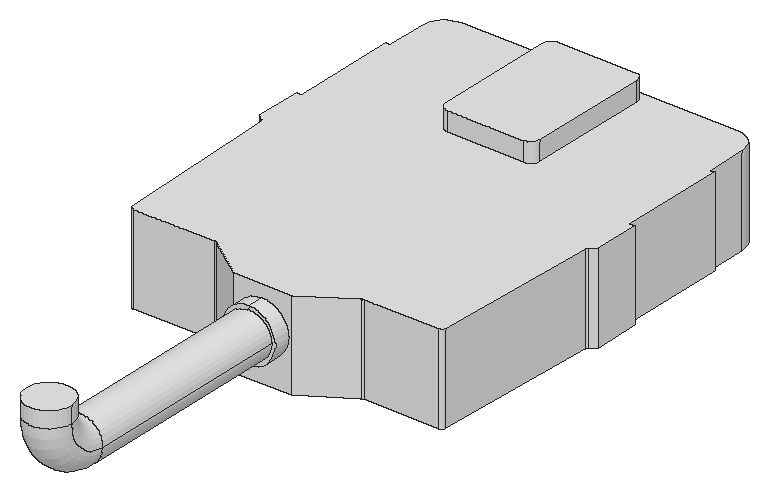
Revit family "Grohe_PlumbingFixtures_WC_Cistern_38661000", category Plumbing Fixtures, host Face, Revit 2017
Family settings
  Host = Face
  Round Connector Dimension = Use Diameter
  Part Type = Normal
  OmniClass Number = 23.45.05.21
  OmniClass Title = Plumbing Fixtures - Sanitary Disposal Units
  Cut with Voids When Loaded = Yes
  Shared = No
  Room Calculation Point = No
Parameters (values of type "38661000")
  _DistributedBy = "www.bimstore.co.uk"
  _CurrentRevision = 1
  _CreatedBy = "www.bimstore.co.uk"
  _BimSpecGuid = 0
  _BSBibleVersion = 16
  _AuthorizedBy = "bimstore"
  _Author = "Jack Yellop"
  Waste Connection = yes
  WarrantyStartDate [instance] = "Please record on commissioning."
  WarrantyGuarantorParts = "info-uk@grohe.com"
  WarrantyGuarantorLabor = "n/a"
  WarrantyDurationUnit = "Years"
  WarrantyDurationParts = "0"
  WarrantyDurationLabor = "0"
  WarrantyDescription = "n/a"
  Vent Connection = no
  URL = "https://www.grohe.co.uk/en_gb/"
  TypeName = Model  # "WC concealed cistern"
  Type Comments = "38661000"
  SpareParts = "n/a"
  Size = "n/a"
  Shape = "Rectangle"
  SerialNumber [instance] = "Please record on commissioning."
  ReplacementCost = "n/a"
  ReferencedStandard = "n/a"
  R = 95 mm
  ProductionYear = "2019"
  NominalLength = 467 mm
  NominalHeight = 519 mm
  NominalDepth = 118 mm
  NBSReference = "45-35-70/383"
  NBSOfficeMasterTag = "n/a"
  NBSObjectName = "WC cisterns"
  NBSNote = ""
  NBSDescription = "Grohe - WC cisterns"
  ModelReference = Model  # "WC concealed cistern"
  ModelNumber = Type Comments  # "38661000"
  Model = "WC concealed cistern"
  Material = "Plastic"
  ManufacturerName = "Grohe"
  Manufacturer = "Grohe"
  Keynote = "N13"
  InstallationDate [instance] = "Please record on commissioning."
  IfcExportType = "IfcSanitaryTerminalTypeEnum.CISTERN"
  IfcExportAs = "IfcFlowTerminalType"
  HW Connection = no
  Grade = "n/a"
  Finish = "Plastic"
  Features = Description  # "WC concealed cistern - 38661000"
  ExpectedLife = 0
  DurationUnit = "Years"
  DocumentationTechnical = "https://www.bimstore.co/product/files/documents/2019/05/16/technical-data-sheet.pdf"
  DocumentationMaintenance = "n/a"
  DocumentationLiterature = "n/a"
  DocumentationInstallationGuide = "n/a"
  DocumentationCertificates = "n/a"
  Description = "WC concealed cistern - 38661000"
  Default Elevation = 0 mm
  CreatedOn = "2019-04-29T09:00:00"
  CreatedBy = "info-uk@grohe.com"
  Constituents = "n/a"
  Color = "White"
  CodePerformance = "n/a"
  ClassificationValue = "Pr_40_20_93_89"
  ClassificationName = "Uniclass2015"
  CisternOffset [instance] = 0 mm
  CW Connection = no
  BarCode [instance] = "Please record on commissioning."
  BIMObjectName = "Grohe_PlumbingFixtures_WC_Cistern_38661000"
  AssetType = "Fixed"
  AssetIdentifier [instance] = "Please record on commissioning."
  Assembly Code = "D2010 "
  AccessibilityPerformance = "n/a"
Reference planes
  plane 1 "Center (Front/Back)": y = 0
  plane 2: z = 0
  plane 3 "Center (Left/Right)": x = 0
  plane 4: y = 259.5
  plane 5: y = -259.5
  plane 6: x = -233.5
  plane 7: x = 233.5
  plane 8: z = -143.569
  plane 9: y = -651.979
  plane 10: z = -25.569
  plane 11: z = -76.569
  plane 12: z = 0
  plane 13: z = -124.052
Forms (mm)
  Extrusion 1, solid, material "ABS Plastic"
    sketch origin (0, 0, 0) x (1, 0, 0) y (0, 1, 0)
      loop
        line (39.006, -299.829) -> (99.864, -260.307)
        arc (99.864, -260.307) -> (101.167, -259.706) -> (102.587, -259.5) r 5
        line (102.587, -259.5) -> (202.173, -259.5)
        arc (202.173, -259.5) -> (205.647, -258.097) -> (207.17, -254.674) r 5
        line (207.17, -254.674) -> (214.882, -33.842)
        arc (214.882, -33.842) -> (215.294, -32.022) -> (216.343, -30.481) r 5
        line (216.343, -30.481) -> (224.376, -22.448) -> (224.376, 37.552) -> (217.375, 37.552) -> (217.375, 177.552) -> (212.375, 177.552) -> (212.375, 229.5)
        arc (212.375, 229.5) -> (203.588, 250.713) -> (182.375, 259.5) r 30
        line (182.375, 259.5) -> (-182.375, 259.5)
        arc (-182.375, 259.5) -> (-203.588, 250.713) -> (-212.375, 229.5) r 30
        line (-212.375, 229.5) -> (-212.375, 177.552) -> (-217.375, 177.552) -> (-217.375, 37.552) -> (-224.376, 37.552) -> (-224.376, -22.448) -> (-216.343, -30.481)
        arc (-216.343, -30.481) -> (-215.294, -32.022) -> (-214.882, -33.842) r 5
        line (-214.882, -33.842) -> (-207.17, -254.674)
        arc (-207.17, -254.674) -> (-205.647, -258.097) -> (-202.173, -259.5) r 5
        line (-202.173, -259.5) -> (-95.991, -259.5)
        arc (-95.991, -259.5) -> (-94.571, -259.706) -> (-93.268, -260.307) r 5
        line (-93.268, -260.307) -> (-36.824, -299.829) -> (39.006, -299.829)
    from -143.569 to -25.569
  Extrusion 2, solid, material "ABS Plastic"
    sketch origin (0, 0, 0) x (1, 0, 0) y (0, 1, 0)
      loop
        arc (-50.552, 254.092) -> (-59.038, 250.577) -> (-62.552, 242.092) r 12
        line (-62.552, 242.092) -> (-62.552, 82.892)
        arc (-62.552, 82.892) -> (-59.038, 74.407) -> (-50.552, 70.892) r 12
        line (-50.552, 70.892) -> (50.448, 70.892)
        arc (50.448, 70.892) -> (58.933, 74.407) -> (62.448, 82.892) r 12
        line (62.448, 82.892) -> (62.448, 242.092)
        arc (62.448, 242.092) -> (58.933, 250.577) -> (50.448, 254.092) r 12
        line (50.448, 254.092) -> (-50.552, 254.092)
    from 0 to -25.569
  Sweep 3, solid, material "ABS Plastic"
    path origin (0, 2.101, 2.3) x (0, 1, 0) y (0, 0, 1)
      loop
        line (-654.08, -6.72) -> (-654.08, -27.869)
        arc (-654.08, -27.869) -> (-639.142, -63.932) -> (-603.08, -78.869) r 51
        line (-603.08, -78.869) -> (-323.624, -78.869)
    profile origin (0, -651.979, -14.994) x (1, 0, 0) y (0, 1, 0)
      loop
        circle (0, 0) r 30
  Revolve 4, solid, material "ABS Plastic"
    sketch origin (0, -15, 0) x (0, 1, 0) y (0, 0, 1)
      loop
        line (-284.829, -41.569) -> (-306.523, -41.569) -> (-306.523, -51.569) -> (-336.979, -51.569) -> (-336.979, -76.569) -> (-284.829, -76.569) -> (-284.829, -41.569)
      axis (-284.829, -76.569) -> (-336.979, -76.569)
    angle from 0 to 360
  Extrusion 5, solid, material "ABS Plastic"
    sketch origin (0, 0, 1.25) x (0, 1, 0) y (0, 0, 1)
      loop
        line (146.758, -77.819) -> (95.445, -77.819) -> (95.445, -125.302) -> (146.758, -125.302) -> (146.758, -77.819)
      loop
        circle (121.016, -101.492) r 12
    from -224.376 to -217.375
  Extrusion 6, void
    sketch origin (0, 0, 0) x (0, 1, 0) y (0, 0, 1)
      loop
        line (259.5, 0) -> (-720, 0) -> (-720, -143.569) -> (259.5, -143.569) -> (259.5, 0)
    from -233.5 to 233.5
Cuts and joins
  joined: Extrusion 1, Extrusion 5
Dimensions and locks
  equal spacing: plane 5, plane 1 "Center (Front/Back)", plane 4
  "NominalHeight": plane 4 to plane 5
  equal spacing: plane 6, plane 3 "Center (Left/Right)", plane 7
  "NominalLength": plane 6 to plane 7
  Revolve 4 to plane 9 = 300 mm
  locked: Revolve 4 sketch curve to plane 11 at 25
  locked: Revolve 4 sketch curve to plane 11 at 35
  locked: plane 10 to plane 8 at 118
  locked: plane 11 to plane 8 at 67
  locked: plane 12 to plane 10 at 25.569
  locked: plane 13 to plane 11 at 47.483
  cut or joined group of Extrusion 1, Extrusion 5 to cut or joined group of Extrusion 1, Extrusion 5 = 439.388 mm
  "CisternOffset": plane 12 to host face
  aligned and locked: plane 2 to host face
  aligned and locked: level to host face
  aligned and locked: Extrusion 1 to Revolve 4
  aligned and locked: plane 10 to Extrusion 1
  aligned and locked: Extrusion 1 to plane 8
  aligned and locked: plane 11 to Revolve 4 sketch curve
  aligned and locked: Revolve 4 sketch curve to plane 11
  aligned and locked: plane 11 to Sweep 3 sketch curve
  aligned and locked: plane 9 to Sweep 3 sketch curve
  aligned and locked: Extrusion 2 to plane 10
  aligned and locked: plane 12 to Extrusion 2
  aligned and locked: plane 11 to Extrusion 5
  aligned and locked: Extrusion 5 to Extrusion 1
  aligned and locked: plane 13 to cut or joined group of Extrusion 1, Extrusion 5
Automatic sketch dimensions
  host sketch curve to host sketch curve = 2438.4 mm  (x2)
  plane 5 to Extrusion 1 sketch curve = 0 mm  (x2)
  Extrusion 1 sketch curve to plane 4 = 0 mm
  plane 6 to Extrusion 1 sketch curve = 9.124 mm
  Extrusion 1 sketch curve to Extrusion 1 sketch curve = 4.497 mm
  Extrusion 1 sketch curve to Extrusion 1 sketch curve = 7.001 mm  (x2)
  Extrusion 1 sketch curve to Extrusion 1 sketch curve = 3.536 mm  (x2)
  Extrusion 1 sketch curve to Extrusion 1 sketch curve = 1.461 mm  (x2)
  plane 6 to Extrusion 1 sketch curve = 21.125 mm
  Extrusion 1 sketch curve to plane 5 = 4.826 mm  (x2)
  plane 6 to Extrusion 1 sketch curve = 26.33 mm
  Extrusion 1 sketch curve to Extrusion 1 sketch curve = 4.997 mm  (x2)
  Extrusion 1 sketch curve to Extrusion 1 sketch curve = 30 mm
  plane 5 to Extrusion 1 sketch curve = 5 mm
  Extrusion 1 sketch curve to plane 3 "Center (Left/Right)" = 95.991 mm
  plane 5 to Extrusion 1 sketch curve = 0.807 mm  (x2)
  Extrusion 1 sketch curve to plane 3 "Center (Left/Right)" = 36.824 mm
  plane 3 "Center (Left/Right)" to Extrusion 1 sketch curve = 39.006 mm
  Extrusion 1 sketch curve to Extrusion 1 sketch curve = 60.859 mm
  Extrusion 1 sketch curve to Extrusion 1 sketch curve = 2.723 mm
  plane 7 to Extrusion 1 sketch curve = 51.125 mm
  plane 7 to Extrusion 1 sketch curve = 31.327 mm
  plane 7 to Extrusion 1 sketch curve = 21.125 mm
  plane 7 to Extrusion 1 sketch curve = 18.618 mm
  plane 7 to Extrusion 1 sketch curve = 16.125 mm
  plane 5 to Extrusion 1 sketch curve = 40.329 mm
  plane 1 "Center (Front/Back)" to Extrusion 1 sketch curve = 34.016 mm  (x2)
  Extrusion 1 sketch curve to Extrusion 1 sketch curve = 0.174 mm  (x2)
  Extrusion 1 sketch curve to Extrusion 1 sketch curve = 8.033 mm  (x2)
  Extrusion 1 sketch curve to plane 1 "Center (Front/Back)" = 37.552 mm  (x2)
  Extrusion 1 sketch curve to Extrusion 1 sketch curve = 51.948 mm  (x2)
  Extrusion 2 sketch curve to plane 3 "Center (Left/Right)" = 62.552 mm
  Extrusion 2 sketch curve to Extrusion 2 sketch curve = 12 mm  (x3)
  Extrusion 2 sketch curve to plane 4 = 17.408 mm
  plane 3 "Center (Left/Right)" to Extrusion 2 sketch curve = 50.448 mm  (x2)
  Extrusion 2 sketch curve to plane 1 "Center (Front/Back)" = 82.892 mm
  Sweep 3 sketch curve to plane 3 "Center (Left/Right)" = 0 mm
  profile plane to Sweep 3 sketch curve = 0 mm
  plane 5 to Revolve 4 sketch curve = 92.479 mm
  Revolve 4 sketch curve to Revolve 4 sketch curve = 30.456 mm
  Revolve 4 sketch curve to Revolve 4 sketch curve = 21.695 mm
  Revolve 4 sketch curve to Revolve 4 sketch curve = 77.85 mm
  plane 5 to Revolve 4 sketch curve = 5.329 mm
  Sweep 3 sketch curve to plane 10 = 0 mm
  plane 5 to Sweep 3 sketch curve = 62.023 mm
  Sweep 3 sketch curve to plane 12 = 4.42 mm
  plane 13 to Extrusion 5 sketch curve = 0 mm
  plane 11 to Extrusion 5 sketch curve = 0 mm
  Extrusion 5 sketch curve to plane 1 "Center (Front/Back)" = 95.445 mm
  Extrusion 5 sketch curve to Extrusion 5 sketch curve = 25.571 mm
  Extrusion 5 sketch curve to Extrusion 5 sketch curve = 25.742 mm
  Extrusion 5 sketch curve to plane 11 = 23.673 mm
  plane 12 to Extrusion 6 sketch curve = 0 mm
  Extrusion 6 sketch curve to plane 9 = 68.021 mm
  Extrusion 6 sketch curve to plane 8 = 0 mm
  plane 4 to Extrusion 6 sketch curve = 0 mm
  radius of Sweep 3 sketch curve = 30 mm
  radius of Extrusion 5 sketch curve = 12 mm
Connectors
  piping at (0, -651.979, -4.42), diameter 60
    settings: on Sweep 3, index 1, connector inside diameter 609.6 mm, connector length 0 mm, flow factor 0, pipe flow 0.0 L/s, pressure drop 0.0 Pa, fitting loss kfactor 0, connector angle 0.00°, fixture units 0, engagement length 0 mm, angle of deflection 0.00°, flow configuration 0, flow direction 0, fitting loss method 0, system type 16, joint type 0, gender type 0, connector reference index -1, connector utility 0, adjustable connector no, is connector primary yes, connector description ""
  piping at (-224.376, 121.016, -100.242), diameter 24
    settings: on cut or joined group of Extrusion 1, Extrusion 5, index 2, connector inside diameter 609.6 mm, connector length 0 mm, flow factor 0, pipe flow 0.0 L/s, pressure drop 0.0 Pa, fitting loss kfactor 0, connector angle 0.00°, fixture units 0, engagement length 0 mm, angle of deflection 0.00°, flow configuration 0, flow direction 0, fitting loss method 0, system type 16, joint type 0, gender type 0, connector reference index -1, connector utility 0, adjustable connector no, is connector primary no, connector description ""
